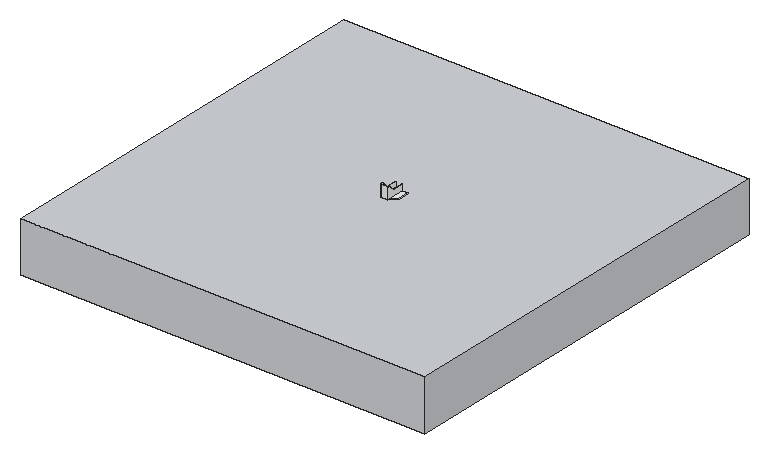
Revit family "JOMA_Balksko kombi_Grundform 260", category Structural Connections, host Face, Revit 2012
Parameters (values of type "5240110  40x110")
  Y = 63 mm
  X = 35 mm
  Vikt = "0,26"
  Typ = "GRUNDFORM 260"
  Spikmönster 2 [instance] = no
  Spikmönster 1 [instance] = no
  Spik/skruv i sekundär [instance] = "ANKARSPIK 4,0x40"
  Spik/skruv i primär [instance] = "ANKARSPIK 4,0x40"
  Material = Varmförzinkad stålplåt
  Länk Joma Dimensioneringsverktyg = "http://www.joma.se/dimensioneringsverktyg"
  Grundform 260 = yes
  F = 70 mm
  E = 37 mm
  Default Elevation = 1219.2 mm
  D = 37 mm
  Bultplacering 2 [instance] = no
  Bultplacering 1 [instance] = no
  Bult [instance] = "BULT M8"
  B = 110 mm
  Antal spik/skruv i sekundär [instance] = if(and(Spikmönster 1, Grundform 260), 4, if(and(Spikmönster 2, Grundform 260), 2, if(and(Bultplacering 1, Grundform 260), 4, 0)))  # 0
  Antal spik/skruv i primär [instance] = if(and(Spikmönster 1, Grundform 260), 7, if(and(Spikmönster 2, Grundform 260), 4, if(and(Bultplacering 1, Grundform 260), 1, 0)))  # 0
  A = 40 mm
  260 Spikmönster 2 [instance] = and(Grundform 260, Spikmönster 2, not(or(Spikmönster 1, Bultplacering 1, Bultplacering 2)))  # no
  260 Spikmönster 1 [instance] = and(Grundform 260, Spikmönster 1, not(or(Spikmönster 2, Bultplacering 1, Bultplacering 2)))  # no
  260 Bultplacering 1 [instance] = and(Grundform 260, Bultplacering 1, not(or(Spikmönster 1, Spikmönster 2, Bultplacering 2)))  # no
Types (4, lengths in mm): name | B | A
  5240110  40x110 | 110 | 40
  5245108  45x108 | 108 | 45
  5251105  51x105 | 105 | 51
  5260100  60x100 | 100 | 60
Reference planes
  plane 1 "Center (Front/Back)": y = 0
  plane 2: z = 0
  plane 3 "Center (Left/Right)": x = 0
  plane 4: x = -20
  plane 5: x = 20
  plane 6: y = -2
  plane 7: x = -22
  plane 8: x = 22
  plane 9: y = 108
  plane 10: z = 2
  plane 11: z = 72
  plane 12: y = 10
  plane 13: y = 45
  plane 14: x = 57
  plane 15: x = -57
  plane 16: z = 37
Forms (mm)
  Extrusion 1, solid
    sketch origin (0, 0, 0) x (1, 0, 0) y (0, 1, 0)
      loop
        line (-1219.2, 1219.2) -> (-1219.2, -1219.2) -> (1219.2, -1219.2) -> (1219.2, 1219.2) -> (-1219.2, 1219.2)
    from 0 to -304.8
  Extrusion 2, solid, material "Varmförzinkad stålplåt" <- "Material"
    sketch origin (0, 0, 0) x (1, 0, 0) y (0, 1, 0)
      loop
        line (-20, 108) -> (-22, 108) -> (-22, 0)
        arc (-22, 0) -> (-21.414, -1.414) -> (-20, -2) r 2
        line (-20, -2) -> (20.004, -2)
        arc (20.004, -2) -> (21.415, -1.415) -> (22, -0.004) r 1.996
        line (22, -0.004) -> (22, 108) -> (20, 108) -> (20, 0) -> (-20, 0) -> (-20, 108)
    from 2 to 72
  Extrusion 3, solid, material "Varmförzinkad stålplåt" <- "Material"
    sketch origin (0, 0, 0) x (1, 0, 0) y (0, 1, 0)
      loop
        line (20, 108) -> (20, 10) -> (57, 10) -> (57, 108) -> (20, 108)
    from 0 to 2
  Extrusion 4, void
    sketch origin (0, 0, 0) x (1, 0, 0) y (0, 1, 0)
      loop
        line (22, 10) -> (57, 10) -> (57, 45) -> (22, 10)
    from 0 to 2
  Extrusion 5, solid, material "Varmförzinkad stålplåt" <- "Material"
    sketch origin (0, 0, 0) x (-1, 0, 0) y (0, -1, 0)
      loop
        line (20, -108) -> (57, -108) -> (57, -10) -> (20, -10) -> (20, -108)
    from 0 to 2
  Extrusion 6, void
    sketch origin (0, 0, 0) x (1, 0, 0) y (0, 1, 0)
      loop
        line (-22, 10) -> (-57, 45) -> (-57, 10) -> (-22, 10)
    from 0 to 250
  Extrusion 7, void
    sketch origin (0, 0, 0) x (0, 1, 0) y (0, 0, 1)
      loop
        line (108, 72) -> (10, 72) -> (45, 37) -> (108, 37) -> (108, 72)
    from -22 to 22
  Extrusion 8, void
    sketch origin (0, 0, 0) x (1, 0, 0) y (0, 0, 1)
      loop
        arc (22, 0) -> (20.586, 0.586) -> (20, 2) r 2
        line (20, 2) -> (20, 0) -> (22, 0)
    from -108 to -10
  Extrusion 9, void
    sketch origin (0, 0, 0) x (1, 0, 0) y (0, 0, 1)
      loop
        arc (-20, 2) -> (-20.586, 0.586) -> (-22, 0) r 2
        line (-22, 0) -> (-20, 0) -> (-20, 2)
    from -108 to -10
Cuts and joins
  Extrusion 7 cuts Extrusion 2
  Extrusion 4, Extrusion 8 cuts Extrusion 3
  Extrusion 6, Extrusion 9 cuts Extrusion 5
  joined: Extrusion 2, Extrusion 3, Extrusion 5
Lines and regions (mm)
  symbolic lines, visible <- "Grundform 260"
    curve 1: circle (-31.5, 90.5, 0) r 2.5 normal (0, 0, 1)
    curve 2: circle (-49, 100.5, 0) r 2.5 normal (0, 0, 1)
    curve 3: circle (-31.5, 70.5, 0) r 2.5 normal (0, 0, 1)
    curve 4: circle (-49, 80.5, 0) r 2.5 normal (0, 0, 1)
    curve 5: circle (-31.5, 50.5, 0) r 2.5 normal (0, 0, 1)
    curve 6: circle (-49, 60.5, 0) r 2.5 normal (0, 0, 1)
    curve 7: circle (-31.5, 30.5, 0) r 2.5 normal (0, 0, 1)
    curve 8: circle (-40, 96, 0) r 4.5 normal (0, 0, 1)
    curve 9: circle (-40, 56, 0) r 4.5 normal (0, 0, 1)
    curve 19: circle (0, 90.5, 29) r 2.5 normal (1, 0, 0)
    curve 20: circle (0, 70.5, 29) r 2.5 normal (1, 0, 0)
    curve 21: circle (0, 50.5, 29) r 2.5 normal (1, 0, 0)
    curve 22: circle (0, 30.5, 29) r 2.5 normal (1, 0, 0)
    curve 27: circle (31.5, 90.5, 0) r 2.5 normal (0, 0, -1)
    curve 28: circle (49, 100.5, 0) r 2.5 normal (0, 0, -1)
    curve 29: circle (31.5, 70.5, 0) r 2.5 normal (0, 0, -1)
    curve 30: circle (49, 80.5, 0) r 2.5 normal (0, 0, -1)
    curve 31: circle (31.5, 50.5, 0) r 2.5 normal (0, 0, -1)
    curve 32: circle (49, 60.5, 0) r 2.5 normal (0, 0, -1)
    curve 33: circle (31.5, 30.5, 0) r 2.5 normal (0, 0, -1)
    curve 34: circle (40, 96, 0) r 4.5 normal (0, 0, -1)
    curve 35: circle (40, 56, 0) r 4.5 normal (0, 0, -1)
  symbolic lines, visible <- "Grundform 260", not visible
    curve 10: circle (-31.5, 90.5, 0) r 2.5 normal (0, 0, 1)
    curve 11: circle (-49, 100.5, 0) r 2.5 normal (0, 0, 1)
    curve 12: circle (-31.5, 70.5, 0) r 2.5 normal (0, 0, 1)
    curve 13: circle (-49, 80.5, 0) r 2.5 normal (0, 0, 1)
    curve 14: circle (-31.5, 50.5, 0) r 2.5 normal (0, 0, 1)
    curve 15: circle (-49, 60.5, 0) r 2.5 normal (0, 0, 1)
    curve 16: circle (-31.5, 30.5, 0) r 2.5 normal (0, 0, 1)
    curve 17: circle (-40, 96, 0) r 4.5 normal (0, 0, 1)
    curve 18: circle (-40, 56, 0) r 4.5 normal (0, 0, 1)
    curve 23: circle (0, 90.5, 29) r 2.5 normal (1, 0, 0)
    curve 24: circle (0, 70.5, 29) r 2.5 normal (1, 0, 0)
    curve 25: circle (0, 50.5, 29) r 2.5 normal (1, 0, 0)
    curve 26: circle (0, 30.5, 29) r 2.5 normal (1, 0, 0)
    curve 36: circle (891.5, 90.5, 0) r 2.5 normal (0, 0, -1)
    curve 37: circle (909, 100.5, 0) r 2.5 normal (0, 0, -1)
    curve 38: circle (891.5, 70.5, 0) r 2.5 normal (0, 0, -1)
    curve 39: circle (909, 80.5, 0) r 2.5 normal (0, 0, -1)
    curve 40: circle (891.5, 50.5, 0) r 2.5 normal (0, 0, -1)
    curve 41: circle (909, 60.5, 0) r 2.5 normal (0, 0, -1)
    curve 42: circle (891.5, 30.5, 0) r 2.5 normal (0, 0, -1)
    curve 43: circle (900, 96, 0) r 4.5 normal (0, 0, -1)
    curve 44: circle (900, 56, 0) r 4.5 normal (0, 0, -1)
Text (mm)
  text "Primärbalk" at (328.941, 539.253, 0), in view "Ref. Level"
  text "Sekundärbalk" at (0, -172.393, 341.357), in view "Left"
Dimensions and locks
  equal spacing: plane 4, plane 3 "Center (Left/Right)", plane 5
  "A": plane 4 to plane 5
  "B": plane 9 to plane 6
  plane 7 to plane 4 = 2 mm
  plane 5 to plane 8 = 2 mm
  plane 1 "Center (Front/Back)" to plane 6 = 2 mm
  plane 10 to Extrusion 1 = 2 mm
  "F": plane 11 to plane 10
  "Y": plane 9 to plane 13
  "X": plane 12 to plane 13
  "D": plane 5 to plane 14
  "D": plane 15 to plane 4
  "E": plane 16 to Extrusion 1
  locked: plane 15 to curve 2 at 8
  locked: plane 9 to curve 2 at 7.5
  locked: curve 28 to plane 14 at 8
  locked: plane 9 to curve 28 at 7.5
  locked: plane 16 to curve 19 at 8
  locked: plane 9 to curve 19 at 17.5
  aligned and locked: plane 2 to Extrusion 1
  aligned and locked: level to Extrusion 1
  aligned and locked: Extrusion 2 to plane 7
  aligned and locked: plane 9 to Extrusion 2  (x2)
  aligned and locked: plane 8 to Extrusion 2
  aligned and locked: Extrusion 2 to plane 5
  aligned and locked: Extrusion 2 to plane 6
  aligned and locked: Extrusion 2 to plane 1 "Center (Front/Back)"
  aligned and locked: plane 4 to Extrusion 2
  aligned and locked: plane 11 to Extrusion 2
  aligned and locked: Extrusion 2 to Extrusion 7
  aligned and locked: Extrusion 7 to Extrusion 2
  aligned and locked: Extrusion 8 to plane 5
  aligned and locked: Extrusion 8 to level
  aligned and locked: plane 9 to Extrusion 8
  aligned and locked: plane 12 to Extrusion 8
  aligned and locked: Extrusion 5 to Extrusion 6
  aligned and locked: plane 9 to Extrusion 5
  aligned and locked: plane 4 to Extrusion 5
  aligned and locked: plane 12 to Extrusion 5
  aligned and locked: plane 15 to Extrusion 6
  aligned and locked: plane 12 to Extrusion 6
  aligned and locked: plane 4 to Extrusion 9
  aligned and locked: Extrusion 9 to level
  aligned and locked: Extrusion 8 to plane 2
  aligned and locked: plane 9 to Extrusion 9
  aligned and locked: plane 12 to Extrusion 9
Automatic sketch dimensions
  Extrusion 1 sketch curve to Extrusion 1 sketch curve = 2438.4 mm  (x2)
  curve 4 to curve 2 = 0 mm
  curve 6 to curve 4 = 0 mm
  curve 2 to curve 8 = 9 mm
  curve 6 to curve 9 = 9 mm
  curve 9 to curve 7 = 8.5 mm
  curve 9 to curve 5 = 8.5 mm
  curve 9 to curve 3 = 8.5 mm
  curve 8 to curve 1 = 8.5 mm
  curve 7 to curve 5 = 20 mm
  curve 5 to curve 9 = 5.5 mm
  curve 9 to curve 6 = 4.5 mm
  curve 9 to curve 3 = 14.5 mm
  curve 6 to curve 4 = 20 mm
  curve 3 to curve 1 = 20 mm
  curve 1 to curve 8 = 5.5 mm
  curve 8 to curve 2 = 4.5 mm
  curve 13 to curve 11 = 0 mm
  curve 15 to curve 13 = 0 mm
  curve 11 to curve 17 = 9 mm
  curve 15 to curve 18 = 9 mm
  curve 18 to curve 16 = 8.5 mm
  curve 18 to curve 14 = 8.5 mm
  curve 18 to curve 12 = 8.5 mm
  curve 17 to curve 10 = 8.5 mm
  curve 16 to curve 14 = 20 mm
  curve 14 to curve 18 = 5.5 mm
  curve 18 to curve 15 = 4.5 mm
  curve 18 to curve 12 = 14.5 mm
  curve 15 to curve 13 = 20 mm
  curve 12 to curve 10 = 20 mm
  curve 10 to curve 17 = 5.5 mm
  curve 17 to curve 11 = 4.5 mm
  curve 22 to curve 21 = 20 mm
  curve 21 to curve 20 = 20 mm
  curve 20 to curve 19 = 20 mm
  curve 21 to curve 20 = 0 mm
  curve 22 to curve 21 = 0 mm
  curve 20 to curve 19 = 0 mm
  curve 26 to curve 25 = 20 mm
  curve 25 to curve 24 = 20 mm
  curve 24 to curve 23 = 20 mm
  curve 25 to curve 24 = 0 mm
  curve 26 to curve 25 = 0 mm
  curve 24 to curve 23 = 0 mm
  curve 30 to curve 28 = 20 mm
  curve 32 to curve 30 = 20 mm  (x2)
  curve 28 to curve 34 = 10.062 mm
  curve 32 to curve 35 = 10.062 mm
  curve 35 to curve 33 = 26.879 mm
  curve 35 to curve 31 = 10.124 mm
  curve 35 to curve 29 = 16.808 mm  (x2)
  curve 34 to curve 27 = 10.124 mm
  curve 33 to curve 31 = 20 mm
  curve 31 to curve 35 = 10.124 mm
  curve 35 to curve 32 = 10.062 mm
  curve 29 to curve 27 = 20 mm
  curve 27 to curve 34 = 10.124 mm
  curve 34 to curve 28 = 10.062 mm
  curve 39 to curve 37 = 20 mm
  curve 41 to curve 39 = 20 mm  (x2)
  curve 37 to curve 43 = 10.062 mm
  curve 41 to curve 44 = 10.062 mm
  curve 44 to curve 42 = 26.879 mm
  curve 44 to curve 40 = 10.124 mm
  curve 44 to curve 38 = 16.808 mm  (x2)
  curve 43 to curve 36 = 10.124 mm
  curve 42 to curve 40 = 20 mm
  curve 40 to curve 44 = 10.124 mm
  curve 44 to curve 41 = 10.062 mm
  curve 38 to curve 36 = 20 mm
  curve 36 to curve 43 = 10.124 mm
  curve 43 to curve 37 = 10.062 mm
  plane 1 "Center (Front/Back)" to Extrusion 2 sketch curve = 0 mm  (x2)
  Extrusion 2 sketch curve to plane 7 = 0 mm
  Extrusion 2 sketch curve to plane 4 = 0 mm  (x2)
  Extrusion 2 sketch curve to plane 5 = 0 mm
  Extrusion 2 sketch curve to plane 8 = 0 mm
  Extrusion 2 sketch curve to plane 9 = 0 mm  (x2)
  plane 5 to Extrusion 2 sketch curve = 0.004 mm
  Extrusion 3 sketch curve to plane 5 = 0 mm
  plane 12 to Extrusion 3 sketch curve = 0 mm
  Extrusion 3 sketch curve to plane 14 = 0 mm
  Extrusion 3 sketch curve to plane 9 = 0 mm
  Extrusion 4 sketch curve to plane 8 = 0 mm
  plane 12 to Extrusion 4 sketch curve = 0 mm
  Extrusion 4 sketch curve to plane 14 = 0 mm
  plane 13 to Extrusion 4 sketch curve = 0 mm
  Extrusion 5 sketch curve to plane 4 = 0 mm
  plane 12 to Extrusion 5 sketch curve = 0 mm
  Extrusion 5 sketch curve to plane 15 = 0 mm
  Extrusion 5 sketch curve to plane 9 = 0 mm
  plane 13 to Extrusion 6 sketch curve = 0 mm
  Extrusion 6 sketch curve to plane 15 = 0 mm
  Extrusion 6 sketch curve to plane 7 = 0 mm
  plane 12 to Extrusion 6 sketch curve = 0 mm
  Extrusion 7 sketch curve to plane 11 = 0 mm
  Extrusion 7 sketch curve to plane 12 = 0 mm
  Extrusion 7 sketch curve to plane 13 = 0 mm
  Extrusion 7 sketch curve to plane 9 = 0 mm
  Extrusion 7 sketch curve to plane 16 = 0 mm
  Extrusion 8 sketch curve to level = 0 mm
  Extrusion 8 sketch curve to plane 5 = 0 mm
  Extrusion 8 sketch curve to plane 8 = 0 mm
  Extrusion 9 sketch curve to plane 7 = 0 mm
  Extrusion 9 sketch curve to level = 0 mm
  Extrusion 9 sketch curve to plane 4 = 0 mm
  radius of curve 1 = 2.5 mm
  radius of curve 2 = 2.5 mm
  radius of curve 3 = 2.5 mm
  radius of curve 4 = 2.5 mm
  radius of curve 5 = 2.5 mm
  radius of curve 6 = 2.5 mm
  radius of curve 7 = 2.5 mm
  radius of curve 8 = 4.5 mm
  radius of curve 9 = 4.5 mm
  radius of curve 10 = 2.5 mm
  radius of curve 11 = 2.5 mm
  radius of curve 12 = 2.5 mm
  radius of curve 13 = 2.5 mm
  radius of curve 14 = 2.5 mm
  radius of curve 15 = 2.5 mm
  radius of curve 16 = 2.5 mm
  radius of curve 17 = 4.5 mm
  radius of curve 18 = 4.5 mm
  radius of curve 19 = 2.5 mm
  radius of curve 20 = 2.5 mm
  radius of curve 21 = 2.5 mm
  radius of curve 22 = 2.5 mm
  radius of curve 23 = 2.5 mm
  radius of curve 24 = 2.5 mm
  radius of curve 25 = 2.5 mm
  radius of curve 26 = 2.5 mm
  radius of curve 27 = 2.5 mm
  radius of curve 28 = 2.5 mm
  radius of curve 29 = 2.5 mm
  radius of curve 30 = 2.5 mm
  radius of curve 31 = 2.5 mm
  radius of curve 32 = 2.5 mm
  radius of curve 33 = 2.5 mm
  radius of curve 34 = 4.5 mm
  radius of curve 35 = 4.5 mm
  radius of curve 36 = 2.5 mm
  radius of curve 37 = 2.5 mm
  radius of curve 38 = 2.5 mm
  radius of curve 39 = 2.5 mm
  radius of curve 40 = 2.5 mm
  radius of curve 41 = 2.5 mm
  radius of curve 42 = 2.5 mm
  radius of curve 43 = 4.5 mm
  radius of curve 44 = 4.5 mm
Nested families
  nested 1: "Spikmönster" at (-49, 100.5, 0), visible <- "260 Spikmönster 1", type "Ø5"
  nested 2: "Spikmönster" at (-49, 80.5, 0), visible <- "260 Spikmönster 1", type "Ø5"
  nested 3: "Spikmönster" at (-49, 60.5, 0), visible <- "260 Spikmönster 1", type "Ø5"
  nested 4: "Spikmönster" at (-31.5, 90.5, 0), visible <- "260 Spikmönster 1", type "Ø5"
  nested 5: "Spikmönster" at (-31.5, 70.5, 0), visible <- "260 Spikmönster 1", type "Ø5"
  nested 6: "Spikmönster" at (-31.5, 50.5, 0), visible <- "260 Spikmönster 1", type "Ø5"
  nested 7: "Spikmönster" at (-31.5, 30.5, 0), visible <- "260 Spikmönster 1", type "Ø5"
  nested 8: "Spikmönster" at (-31.5, 90.5, 0), visible <- "260 Spikmönster 2", type "Ø5"
  nested 9: "Spikmönster" at (-31.5, 70.5, 0), visible <- "260 Spikmönster 2", type "Ø5"
  nested 10: "Spikmönster" at (-31.5, 50.5, 0), visible <- "260 Spikmönster 2", type "Ø5"
  nested 11: "Spikmönster" at (-31.5, 30.5, 0), visible <- "260 Spikmönster 2", type "Ø5"
  nested 12: "Spikmönster" at (-40, 96, 0), visible <- "260 Bultplacering 1", type "Ø9"
  nested 13: "Spikmönster" at (-49, 100.5, 0), visible <- "260 Spikmönster 1", type "Ø5", not visible
  nested 14: "Spikmönster" at (-49, 80.5, 0), visible <- "260 Spikmönster 1", type "Ø5", not visible
  nested 15: "Spikmönster" at (-49, 60.5, 0), visible <- "260 Spikmönster 1", type "Ø5", not visible
  nested 16: "Spikmönster" at (-31.5, 90.5, 0), visible <- "260 Spikmönster 1", type "Ø5", not visible
  nested 17: "Spikmönster" at (-31.5, 70.5, 0), visible <- "260 Spikmönster 1", type "Ø5", not visible
  nested 18: "Spikmönster" at (-31.5, 50.5, 0), visible <- "260 Spikmönster 1", type "Ø5", not visible
  nested 19: "Spikmönster" at (-31.5, 30.5, 0), visible <- "260 Spikmönster 1", type "Ø5", not visible
  nested 20: "Spikmönster" at (-31.5, 90.5, 0), visible <- "260 Spikmönster 2", type "Ø5", not visible
  nested 21: "Spikmönster" at (-31.5, 70.5, 0), visible <- "260 Spikmönster 2", type "Ø5", not visible
  nested 22: "Spikmönster" at (-31.5, 50.5, 0), visible <- "260 Spikmönster 2", type "Ø5", not visible
  nested 23: "Spikmönster" at (-31.5, 30.5, 0), visible <- "260 Spikmönster 2", type "Ø5", not visible
  nested 24: "Spikmönster" at (-40, 96, 0), visible <- "260 Bultplacering 1", type "Ø9", not visible
  nested 25: "Spikmönster" at (49, 100.5, 0), visible <- "260 Spikmönster 1", type "Ø5"
  nested 26: "Spikmönster" at (49, 80.5, 0), visible <- "260 Spikmönster 1", type "Ø5"
  nested 27: "Spikmönster" at (49, 60.5, 0), visible <- "260 Spikmönster 1", type "Ø5"
  nested 28: "Spikmönster" at (31.5, 90.5, 0), visible <- "260 Spikmönster 1", type "Ø5"
  nested 29: "Spikmönster" at (31.5, 70.5, 0), visible <- "260 Spikmönster 1", type "Ø5"
  nested 30: "Spikmönster" at (31.5, 50.5, 0), visible <- "260 Spikmönster 1", type "Ø5"
  nested 31: "Spikmönster" at (31.5, 30.5, 0), visible <- "260 Spikmönster 1", type "Ø5"
  nested 32: "Spikmönster" at (31.5, 90.5, 0), visible <- "260 Spikmönster 2", type "Ø5"
  nested 33: "Spikmönster" at (31.5, 70.5, 0), visible <- "260 Spikmönster 2", type "Ø5"
  nested 34: "Spikmönster" at (31.5, 50.5, 0), visible <- "260 Spikmönster 2", type "Ø5"
  nested 35: "Spikmönster" at (31.5, 30.5, 0), visible <- "260 Spikmönster 2", type "Ø5"
  nested 36: "Spikmönster" at (40, 96, 0), visible <- "260 Bultplacering 1", type "Ø9"
  nested 37: "Spikmönster" at (909, 100.5, 0), visible <- "260 Spikmönster 1", type "Ø5", not visible
  nested 38: "Spikmönster" at (909, 80.5, 0), visible <- "260 Spikmönster 1", type "Ø5", not visible
  nested 39: "Spikmönster" at (909, 60.5, 0), visible <- "260 Spikmönster 1", type "Ø5", not visible
  nested 40: "Spikmönster" at (891.5, 90.5, 0), visible <- "260 Spikmönster 1", type "Ø5", not visible
  nested 41: "Spikmönster" at (891.5, 70.5, 0), visible <- "260 Spikmönster 1", type "Ø5", not visible
  nested 42: "Spikmönster" at (891.5, 50.5, 0), visible <- "260 Spikmönster 1", type "Ø5", not visible
  nested 43: "Spikmönster" at (891.5, 30.5, 0), visible <- "260 Spikmönster 1", type "Ø5", not visible
  nested 44: "Spikmönster" at (891.5, 90.5, 0), visible <- "260 Spikmönster 2", type "Ø5", not visible
  nested 45: "Spikmönster" at (891.5, 70.5, 0), visible <- "260 Spikmönster 2", type "Ø5", not visible
  nested 46: "Spikmönster" at (891.5, 50.5, 0), visible <- "260 Spikmönster 2", type "Ø5", not visible
  nested 47: "Spikmönster" at (891.5, 30.5, 0), visible <- "260 Spikmönster 2", type "Ø5", not visible
  nested 48: "Spikmönster" at (900, 96, 0), visible <- "260 Bultplacering 1", type "Ø9", not visible
  nested 49: "Spikmönster" at (0, 90.5, 29) x (0, -1, 0) z (1, 0, 0), visible <- "260 Spikmönster 1", type "Ø5"
  nested 50: "Spikmönster" at (0, 70.5, 29) x (0, -1, 0) z (1, 0, 0), visible <- "260 Spikmönster 1", type "Ø5"
  nested 51: "Spikmönster" at (0, 50.5, 29) x (0, -1, 0) z (1, 0, 0), visible <- "260 Spikmönster 1", type "Ø5"
  nested 52: "Spikmönster" at (0, 30.5, 29) x (0, -1, 0) z (1, 0, 0), visible <- "260 Spikmönster 1", type "Ø5"
  nested 53: "Spikmönster" at (0, 90.5, 29) x (0, -1, 0) z (1, 0, 0), visible <- "260 Spikmönster 2", type "Ø5"
  nested 54: "Spikmönster" at (0, 50.5, 29) x (0, -1, 0) z (1, 0, 0), visible <- "260 Spikmönster 2", type "Ø5"
  nested 55: "Spikmönster" at (0, 90.5, 29) x (0, -1, 0) z (1, 0, 0), visible <- "260 Bultplacering 1", type "Ø5"
  nested 56: "Spikmönster" at (0, 70.5, 29) x (0, -1, 0) z (1, 0, 0), visible <- "260 Bultplacering 1", type "Ø5"
  nested 57: "Spikmönster" at (0, 50.5, 29) x (0, -1, 0) z (1, 0, 0), visible <- "260 Bultplacering 1", type "Ø5"
  nested 58: "Spikmönster" at (0, 30.5, 29) x (0, -1, 0) z (1, 0, 0), visible <- "260 Bultplacering 1", type "Ø5"
  nested 59: "Spikmönster" at (0, 90.5, 29) x (0, -1, 0) z (1, 0, 0), visible <- "260 Spikmönster 1", type "Ø5", not visible
  nested 60: "Spikmönster" at (0, 70.5, 29) x (0, -1, 0) z (1, 0, 0), visible <- "260 Spikmönster 1", type "Ø5", not visible
  nested 61: "Spikmönster" at (0, 50.5, 29) x (0, -1, 0) z (1, 0, 0), visible <- "260 Spikmönster 1", type "Ø5", not visible
  nested 62: "Spikmönster" at (0, 30.5, 29) x (0, -1, 0) z (1, 0, 0), visible <- "260 Spikmönster 1", type "Ø5", not visible
  nested 63: "Spikmönster" at (0, 90.5, 29) x (0, -1, 0) z (1, 0, 0), visible <- "260 Spikmönster 2", type "Ø5", not visible
  nested 64: "Spikmönster" at (0, 50.5, 29) x (0, -1, 0) z (1, 0, 0), visible <- "260 Spikmönster 2", type "Ø5", not visible
  nested 65: "Spikmönster" at (0, 90.5, 29) x (0, -1, 0) z (1, 0, 0), visible <- "260 Bultplacering 1", type "Ø5", not visible
  nested 66: "Spikmönster" at (0, 70.5, 29) x (0, -1, 0) z (1, 0, 0), visible <- "260 Bultplacering 1", type "Ø5", not visible
  nested 67: "Spikmönster" at (0, 50.5, 29) x (0, -1, 0) z (1, 0, 0), visible <- "260 Bultplacering 1", type "Ø5", not visible
  nested 68: "Spikmönster" at (0, 30.5, 29) x (0, -1, 0) z (1, 0, 0), visible <- "260 Bultplacering 1", type "Ø5", not visible
Definition of nested family "Spikmönster"
  Parameters (values of type "Ø11")
    Radie = 5.5 mm
  Types (3, lengths in mm): name | Radie
    (no name) | 5.5
    Ø5 | 2.5
    Ø11 | 5.5
  Reference planes
    plane 1 "Center (Front/Back)": y = 0
    plane 2: z = 0
    plane 3 "Center (Left/Right)": x = 0
  Lines and regions (mm)
    Filled region 1, type "Solid Fill - Black", in view "Ref. Level"
      outline origin (0, 0, 0) x (1, 0, 0) y (0, 1, 0)
        loop
          circle (0, 0) r 5.5
  Dimensions and locks
    "Radie": radius of Filled region 1 sketch curve
  Automatic sketch dimensions
    plane 1 "Center (Front/Back)" to Filled region 1 sketch curve = 0 mm
    Filled region 1 sketch curve to plane 3 "Center (Left/Right)" = 0 mm
